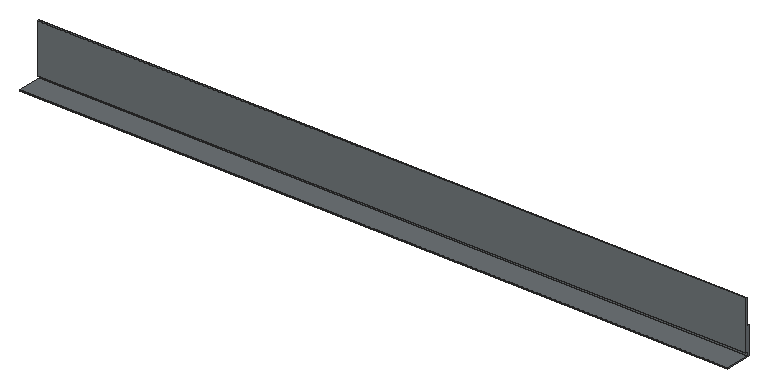
Revit family "BIMLIB_ПланкаПриемнаяОконная_GRANDLINE", category Обобщенные модели, Revit 2017
Family settings
  Может служить основой для арматурных стержней = Нет
  Размер круглого соединителя = Использовать диаметр
  Тип детали = Нормальный
  При загрузке вырезать с полостями = Нет
  Общий = Нет
  Точка расчета площади = Нет
Parameters (values of type "Планка приемная")
  Смещение от плоскости [instance] = 0 mm
  Описание = ADSK_Наименование  # "Планка приемная оконная"
  Изготовитель = "Grand Line"  # constant formula
  built-in parameter 1001306 [instance] = 500 mm
  Watermark [instance] = "Модели защищены уникальным кодом"
  URL = "https://www.grandline.ru"
  BL_Разработано = "support@bimlib.pro"
  BL_Email = "info@grandline.ru"
  BL_BIM library = "https://bimlib.pro/manufacturer/company/22430"
  ADSK_Размер_Длина [instance] = [built-in parameter 1001306]  # 500 mm
  ADSK_Обозначение = "ГОСТ 19904-90, ГОСТ 14918-80"
  ADSK_Наименование = "Планка приемная оконная"
  ADSK_Материал тип подсчета = 1  # constant formula
  ADSK_Материал = GL_Drap_RAL7016
  ADSK_Масса_Текст [instance] = ""
  ADSK_Масса [instance] = 0
  ADSK_Марка = ""
  ADSK_Количество [instance] = if(ADSK_Материал тип подсчета = 0, 1, if(ADSK_Материал тип подсчета = 1, ADSK_Размер_Длина / 1000 mm, 0))  # 0.5
  ADSK_Код изделия = "M018.128.02"  # constant formula
  ADSK_Завод-изготовитель = "Grand Line"  # constant formula
  ADSK_Единица измерения = "м"  # constant formula
  ADSK_Группирование = "Доборные элементы"  # constant formula
  ADSK_Версия Revit = "2017"  # constant formula
  ADSK_URL страницы изделия = "https://www.grandline.ru/planka-priemnaya-okonnaya-0-45-pe-s-plenkoy-ral-9003-signalnyy-belyy-200417.html"
  ADSK_URL документации изделия = "https://www.grandline.ru/uploads/files/chertezhi_vse/dobornye_elementy/Planka-priemnaa-okonnaa.jpg"
Reference planes
  plane 1 "По центру (Вперед/Назад)": y = 0
  plane 2: z = 0
  plane 3 "Слева": x = 0
  plane 4 "Справа": x = 500
Forms (mm)
  Sweep 1, solid, material "GL_Drap_RAL7016" <- "ADSK_Материал"
    path in 3D
      loop
        line (0, 0, 0) -> (500, 0, 0)
    profile "Профиль_ПланкаПриемнаяОконная : Профиль" origin (250, 0, 0) x (0, 1, 0) y (0, 0, 1)
      loop
        line (0, 0) -> (0, 20) -> (-1.6, 20) -> (-1.6, 38) -> (-2.4, 38) -> (-2.4, 3) -> (-0.8, 3) -> (-0.8, 0.8) -> (-18, 0.8) -> (-18, 0) -> (0, 0)
Lines and regions (mm)
  reference lines
    curve 1: line (0, 0, 0) -> (500, 0, 0)
  sketch lines
    curve 2: line (0, 0, 0) -> (500, 0, 0)
Dimensions and locks
  "built-in parameter 1001306": plane 3 "Слева" to plane 4 "Справа"
  aligned and locked: plane 4 "Справа" to curve 1
  aligned and locked: plane 1 "По центру (Вперед/Назад)" to curve 1
  aligned and locked: plane 3 "Слева" to curve 1
  aligned and locked: level to plane 2
